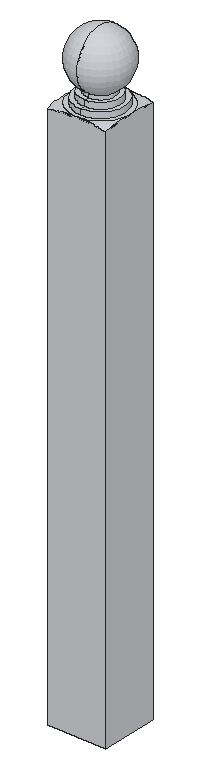
Revit family
Parameters (values of type "100mm")
  w1 = 폭 / 2  # 50 mm
  t1 = 폭 + w1  # 150 mm
  built-in parameter 1008623 [instance] = (empty or 0)
  built-in parameter 1008625 [instance] = (empty or 0)
  기둥 재료 = none
  폭 = 100 mm
  Post = yes
  built-in parameter 1008624 [instance] = (empty or 0)
  built-in parameter 1008622 [instance] = 915 mm
Types (5, lengths in mm): name | w1 | t1 | 폭
  (no name) | 50 | 150 | 100
  30mm | 15 | 45 | 30
  60mm | 30 | 90 | 60
  100mm | 50 | 150 | 100
  150mm | 75 | 225 | 150
Reference planes
  plane 1 "중심(앞/뒤)": y = 0
  plane 2: z = 0
  plane 3 "중심(왼쪽/오른쪽)": x = 0
  plane 4 "상단": z = 915
  plane 5 "기둥 상단": z = 1065
  plane 6: z = 945.95
  plane 7: x = -50
  plane 8: x = 50
  plane 9: y = -50
  plane 10: y = 50
  plane 11: z = 1015
  plane 12: y = 25
  plane 13: y = 33.333
  plane 14: y = 41.667
  plane 15: z = 965
Forms (mm)
  Extrusion 1, solid, material <- "기둥 재료"
    sketch origin (0, 0, 0) x (1, 0, 0) y (0, 1, 0)
      loop
        line (-50, 50) -> (-50, -50) -> (50, -50) -> (50, 50) -> (-50, 50)
    from 0 to 945.95
  Revolve 2, solid, material <- "기둥 재료"
    sketch origin (0, 0, 0) x (0, 1, 0) y (0, 0, 1)
      loop
        line (0, 1065) -> (0, 945.95) -> (41.667, 945.95) -> (41.667, 955.475) -> (33.333, 955.475) -> (33.333, 965) -> (25, 965) -> (25, 971.699)
        arc (25, 971.699) -> (48.296, 1027.941) -> (0, 1065) r 50
      axis (0, 1065) -> (0, 945.95)
    angle from 0 to 360
  Revolve 3, void
    sketch origin (0, 0, 0) x (0, 1, 0) y (0, 0, 1)
      loop
        arc (50, 945.95) -> (69.745, 942.262) -> (88.1, 934.106) r 86.22
        line (88.1, 934.106) -> (88.1, 945.95) -> (50, 945.95)
      axis (0, 945.95) -> (0, 934.106)
    angle from 0 to 360
Cuts and joins
  Revolve 3 cuts Extrusion 1
  Revolve 3 cuts Revolve 2
Dimensions and locks
  "built-in parameter 1008622": plane 2 to plane 4 "상단"
  equal spacing: Extrusion 1 sketch curve, plane 3 "중심(왼쪽/오른쪽)", Extrusion 1 sketch curve
  equal spacing: Extrusion 1 sketch curve, plane 1 "중심(앞/뒤)", Extrusion 1 sketch curve
  "폭": Extrusion 1 sketch curve to Extrusion 1 sketch curve  (x2)
  "폭": plane 7 to plane 8
  "폭": plane 9 to plane 10
  equal spacing: plane 9, plane 1 "중심(앞/뒤)", plane 10
  equal spacing: plane 7, plane 3 "중심(왼쪽/오른쪽)", plane 8
  "w1": plane 11 to plane 5 "기둥 상단"
  equal spacing: plane 10, plane 12, plane 1 "중심(앞/뒤)"
  equal spacing: plane 10, plane 14, plane 13, plane 12
  locked: plane 15 to plane 6 at 19.05
  "폭": plane 5 "기둥 상단" to plane 15
  "t1": plane 4 "상단" to plane 5 "기둥 상단"
  Revolve 3 sketch curve to plane 10 = 38.1 mm
  "w1": radius of Revolve 2 sketch curve
  aligned and locked: Extrusion 1 to level
  aligned and locked: plane 6 to Extrusion 1
  aligned and locked: plane 15 to Revolve 2 sketch curve
  aligned and locked: Revolve 3 sketch curve to plane 6
Automatic sketch dimensions
  Revolve 2 sketch curve to plane 1 "중심(앞/뒤)" = 0 mm  (x2)
  Revolve 2 sketch curve to plane 12 = 0 mm
  Revolve 2 sketch curve to plane 13 = 0 mm
  Revolve 2 sketch curve to plane 14 = 0 mm
  Revolve 2 sketch curve to plane 6 = 0 mm  (x2)
  Revolve 2 sketch curve to plane 11 = 0 mm
  Revolve 2 sketch curve to plane 6 = 45.446 mm
  Revolve 2 sketch curve to Revolve 2 sketch curve = 9.525 mm
  Revolve 3 sketch curve to plane 1 "중심(앞/뒤)" = 0 mm
  Revolve 3 sketch curve to plane 10 = 0 mm
  Revolve 3 sketch curve to plane 6 = 0 mm
  plane 10 to Revolve 3 sketch curve = 5.851 mm
  Revolve 3 sketch curve to Revolve 3 sketch curve = 11.844 mm
  Revolve 3 sketch curve to Revolve 3 sketch curve = 40.287 mm
